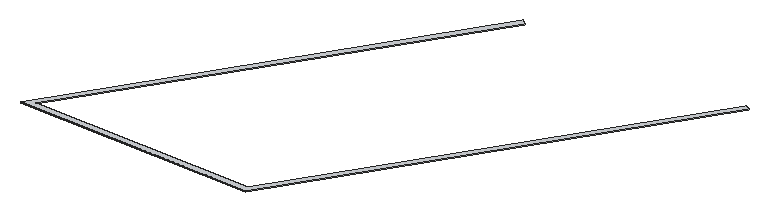
Revit family "Single Angular Parking Stripe", category Generic Models, Revit 2019
Family settings
  Can host rebar = No
  Round Connector Dimension = Use Diameter
  Part Type = Normal
  Work Plane-Based = No
  Always vertical = Yes
  Cut with Voids When Loaded = No
  Shared = No
  Room Calculation Point = No
Parameters (values of type "1st Type")
  lenght of stall = 18' - 0"
  Width of Parking Stripe = 0' - 3"
  Width of Parking = 8' - 0"
  Angle of Parking = 33.00°
Reference planes (in)
  plane 1 "Center (Front/Back)": y = 0
  plane 2: z = 0
  plane 3 "Center (Left/Right)": x = 0
  plane 4: y = 3
Forms (in)
  Extrusion 1, solid
    sketch origin (0, 0, 0) x (1, 0, 0) y (0, 1, 0)
      loop
        line (117.64203, 181.15284) -> (0, 0) -> (118.04397, 0) -> (235.686, 181.15284) -> (233.16999, 182.78676) -> (116.4151, 3) -> (5.52531, 3) -> (120.15804, 179.51893) -> (117.64203, 181.15284)
    from 0 to 0.47848
Lines and regions (in)
  reference lines
    curve 1: line (0, 0, 0) -> (117.64203, 181.15284, 0)
    curve 2: line (2.51601, -1.63392, 0) -> (120.15804, 179.51893, 0)
    curve 3: line (118.04397, 0, 0) -> (200.67042, 127.23358, 0)
    curve 4: line (114.46688, 0, 0) -> (198.15441, 128.8675, 0)
    curve 5: line (117.64203, 181.15284, 0) -> (221.63718, 113.6176, 0)
    curve 6: line (235.686, 181.15284, 0) -> (339.68115, 113.6176, 0)
Dimensions and locks (in)
  "Width of Parking Stripe": curve 2 to curve 1
  "Width of Parking Stripe": plane 4 to plane 1 "Center (Front/Back)"
  "Width of Parking": curve 3 to curve 2
  "Width of Parking Stripe": curve 3 to curve 4
  "lenght of stall": curve 1 to curve 5
  "lenght of stall": curve 3 to curve 6
  "Angle of Parking": angle curve 1 to plane 3 "Center (Left/Right)"
  aligned and locked: plane 2 to level
  aligned and locked: Extrusion 1 sketch curve to curve 1
  aligned and locked: curve 2 to Extrusion 1 sketch curve
  aligned and locked: plane 1 "Center (Front/Back)" to Extrusion 1 sketch curve
  aligned and locked: plane 4 to Extrusion 1 sketch curve
  aligned and locked: Extrusion 1 sketch curve to curve 3
  aligned and locked: Extrusion 1 sketch curve to curve 4
  aligned and locked: Extrusion 1 sketch curve to curve 5
  aligned and locked: Extrusion 1 sketch curve to curve 6
Automatic sketch dimensions
  plane 1 "Center (Front/Back)" to curve 1 = 0' - 0"
  curve 1 to plane 3 "Center (Left/Right)" = 0' - 0"
  plane 1 "Center (Front/Back)" to curve 4 = 0' - 0"
  plane 1 "Center (Front/Back)" to curve 3 = 0' - 0"
  plane 1 "Center (Front/Back)" to curve 2 = 0' - 1.63392"
  plane 4 to curve 5 = 9' - 2.6176"
  curve 3 to curve 6 = 2' - 11.01558"
  plane 4 to curve 6 = 9' - 2.6176"
  curve 5 to curve 6 = 9' - 10.04397"
